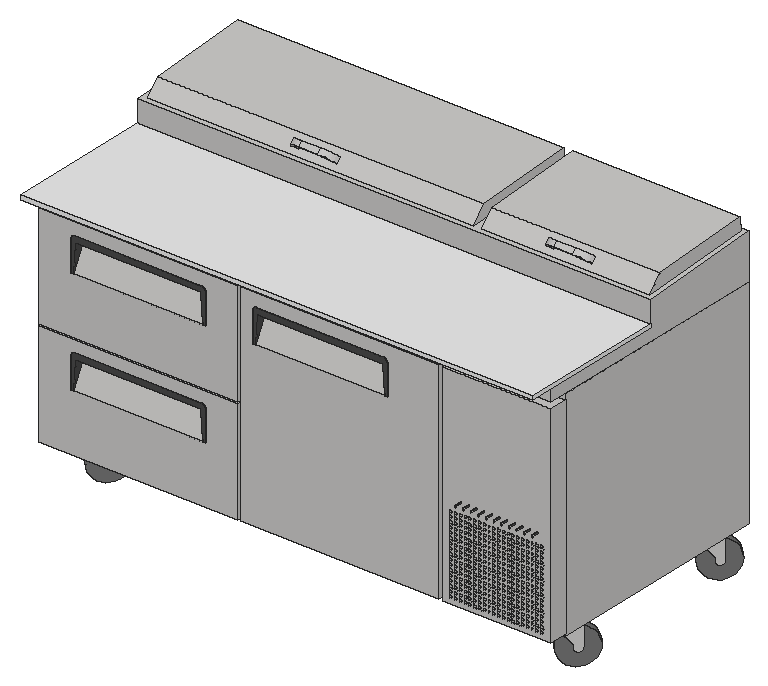
Revit family "QF_Turbo Air_TPR-67SD-D2", category Specialty Equipment, Revit 2012 (continued)
Forms (in)
  Extrusion 17, solid, material "QF_Finishes_Clearances", detail levels coarse
    sketch origin (23.64906, 0, 0) x (0, 1, 0) y (0, 0, 1)
      loop
        line (-0.43665, 40.16021) -> (0.94312, 41.18404) -> (-6.89696, 51.74983) -> (-9.30056, 52.10578)
        arc (-9.30056, 52.10578) -> (-13.94213, 46.43603) -> (-15.28268, 39.23233) r 14.75
        line (-15.28268, 39.23233) -> (-13.67506, 41.0543) -> (-0.54382, 41.875) -> (-0.43665, 40.16021)
    from 0 to 21.875
Lines and regions (in)
  symbolic lines
    curve 1: line (-20.78844, 0, 0) -> (46.21156, 0, 0)
    curve 2: line (-20.78844, -35.25, 0) -> (-20.78844, 0, 0)
    curve 3: line (46.21156, -35.25, 0) -> (-20.78844, -35.25, 0)
    curve 4: line (46.21156, 0, 0) -> (46.21156, -35.25, 0)
    curve 5: line (-20.78844, -16, 0) -> (46.21156, -16, 0)
    curve 6: line (-20.10094, -0.43665, 0) -> (22.52406, -0.43665, 0)
    curve 7: line (-20.10094, -0.43665, 0) -> (-20.10094, -15.28268, 0)
    curve 8: line (22.52406, -15.28268, 0) -> (3.73591, -15.28268, 0)
    curve 9: line (22.52406, -15.28268, 0) -> (22.52406, -0.43665, 0)
    curve 10: line (2.46156, -15.66428, 0) -> (-0.03844, -15.66428, 0)
    curve 11: line (-0.03844, -15.16806, 0) -> (2.46156, -15.16806, 0)
    curve 12: spline (-0.03844, -15.66428, 0) -> (-0.22934, -15.65687, 0) -> (-0.41821, -15.63473, 0) -> (-0.60302, -15.5981, 0) -> (-0.7818, -15.54736, 0) -> (-0.95265, -15.48306, 0) -> (-1.11373, -15.40589, 0) -> (-1.26333, -15.31666, 0) -> (-1.39986, -15.21633, 0) -> (-1.52185, -15.10598, 0) -> (-1.628, -14.98677, 0) -> (-1.71718, -14.85999, 0) -> (-1.78844, -14.72698, 0)
    curve 13: spline (-1.78844, -14.23076, 0) -> (-1.71718, -14.36377, 0) -> (-1.628, -14.49055, 0) -> (-1.52185, -14.60976, 0) -> (-1.39986, -14.72012, 0) -> (-1.26333, -14.82044, 0) -> (-1.11373, -14.90967, 0) -> (-0.95265, -14.98685, 0) -> (-0.7818, -15.05115, 0) -> (-0.60302, -15.10189, 0) -> (-0.41821, -15.13852, 0) -> (-0.22934, -15.16066, 0) -> (-0.03844, -15.16806, 0)
    curve 14: line (-0.78844, -14.23076, 0) -> (-1.78844, -14.23076, 0)
    curve 15: line (-1.78844, -14.23076, 0) -> (-1.78844, -14.72698, 0)
    curve 16: line (-0.78844, -14.60568, 0) -> (-0.78844, -14.23076, 0)
    curve 17: line (2.71156, -14.9806, 0) -> (-0.28844, -14.9806, 0)
    curve 18: spline (-0.28844, -14.9806, 0) -> (-0.3537, -14.97739, 0) -> (-0.41785, -14.96783, 0) -> (-0.47978, -14.95206, 0) -> (-0.53844, -14.93037, 0) -> (-0.59282, -14.90313, 0) -> (-0.64199, -14.87079, 0) -> (-0.68512, -14.83392, 0) -> (-0.72145, -14.79314, 0) -> (-0.75038, -14.74916, 0) -> (-0.7714, -14.70272, 0) -> (-0.78416, -14.65462, 0) -> (-0.78844, -14.60568, 0)
    curve 19: line (4.21156, -14.23076, 0) -> (3.21156, -14.23076, 0)
    curve 20: line (4.21156, -14.72698, 0) -> (4.21156, -14.23076, 0)
    curve 21: line (3.21156, -14.23076, 0) -> (3.21156, -14.60568, 0)
    curve 22: spline (3.21156, -14.60568, 0) -> (3.20728, -14.65462, 0) -> (3.19452, -14.70272, 0) -> (3.1735, -14.74916, 0) -> (3.14457, -14.79314, 0) -> (3.10824, -14.83392, 0) -> (3.06511, -14.87079, 0) -> (3.01594, -14.90313, 0) -> (2.96156, -14.93037, 0) -> (2.9029, -14.95206, 0) -> (2.84097, -14.96783, 0) -> (2.77682, -14.97739, 0) -> (2.71156, -14.9806, 0)
    curve 23: spline (2.46156, -15.16806, 0) -> (2.65246, -15.16066, 0) -> (2.84133, -15.13852, 0) -> (3.02614, -15.10189, 0) -> (3.20492, -15.05115, 0) -> (3.37577, -14.98685, 0) -> (3.53685, -14.90967, 0) -> (3.68645, -14.82044, 0) -> (3.82298, -14.72012, 0) -> (3.94497, -14.60976, 0) -> (4.05112, -14.49055, 0) -> (4.1403, -14.36377, 0) -> (4.21156, -14.23076, 0)
    curve 24: spline (4.21156, -14.72698, 0) -> (4.1403, -14.85999, 0) -> (4.05112, -14.98677, 0) -> (3.94497, -15.10598, 0) -> (3.82298, -15.21633, 0) -> (3.68645, -15.31666, 0) -> (3.53685, -15.40589, 0) -> (3.37577, -15.48306, 0) -> (3.20492, -15.54736, 0) -> (3.02614, -15.5981, 0) -> (2.84133, -15.63473, 0) -> (2.65246, -15.65687, 0) -> (2.46156, -15.66428, 0)
    curve 25: line (-1.31279, -15.28268, 0) -> (-20.10094, -15.28268, 0)
    curve 26: line (-15.28844, 1, 0) -> (-14.03844, 1, 0)
    curve 27: line (39.46156, 1, 0) -> (40.71156, 1, 0)
    curve 28: line (40.71156, 1, 0) -> (40.71156, 0, 0)
    curve 29: line (39.46156, 1, 0) -> (39.46156, 0, 0)
    curve 30: line (-14.03844, 1, 0) -> (-14.03844, 0, 0)
    curve 31: line (-15.28844, 1, 0) -> (-15.28844, 0, 0)
    curve 65: line (35.83656, -15.66428, 0) -> (33.33656, -15.66428, 0)
    curve 66: line (33.33656, -15.16806, 0) -> (35.83656, -15.16806, 0)
    curve 67: spline (33.33656, -15.66428, 0) -> (33.14566, -15.65687, 0) -> (32.95679, -15.63473, 0) -> (32.77198, -15.5981, 0) -> (32.5932, -15.54736, 0) -> (32.42235, -15.48306, 0) -> (32.26127, -15.40589, 0) -> (32.11167, -15.31666, 0) -> (31.97514, -15.21633, 0) -> (31.85315, -15.10598, 0) -> (31.747, -14.98677, 0) -> (31.65782, -14.85999, 0) -> (31.58656, -14.72698, 0)
    curve 68: spline (31.58656, -14.23076, 0) -> (31.65782, -14.36377, 0) -> (31.747, -14.49055, 0) -> (31.85315, -14.60976, 0) -> (31.97514, -14.72012, 0) -> (32.11167, -14.82044, 0) -> (32.26127, -14.90967, 0) -> (32.42235, -14.98685, 0) -> (32.5932, -15.05115, 0) -> (32.77198, -15.10189, 0) -> (32.95679, -15.13852, 0) -> (33.14566, -15.16066, 0) -> (33.33656, -15.16806, 0)
    curve 69: line (32.58656, -14.23076, 0) -> (31.58656, -14.23076, 0)
    curve 70: line (31.58656, -14.23076, 0) -> (31.58656, -14.72698, 0)
    curve 71: line (32.58656, -14.60568, 0) -> (32.58656, -14.23076, 0)
    curve 72: line (37.58656, -14.23076, 0) -> (36.58656, -14.23076, 0)
    curve 73: line (37.58656, -14.72698, 0) -> (37.58656, -14.23076, 0)
    curve 74: line (36.58656, -14.23076, 0) -> (36.58656, -14.60568, 0)
    curve 75: spline (35.83656, -15.16806, 0) -> (36.02746, -15.16066, 0) -> (36.21633, -15.13852, 0) -> (36.40114, -15.10189, 0) -> (36.57992, -15.05115, 0) -> (36.75077, -14.98685, 0) -> (36.91185, -14.90967, 0) -> (37.06145, -14.82044, 0) -> (37.19798, -14.72012, 0) -> (37.31997, -14.60976, 0) -> (37.42612, -14.49055, 0) -> (37.5153, -14.36377, 0) -> (37.58656, -14.23076, 0)
    curve 76: spline (37.58656, -14.72698, 0) -> (37.5153, -14.85999, 0) -> (37.42612, -14.98677, 0) -> (37.31997, -15.10598, 0) -> (37.19798, -15.21633, 0) -> (37.06145, -15.31666, 0) -> (36.91185, -15.40589, 0) -> (36.75077, -15.48306, 0) -> (36.57992, -15.54736, 0) -> (36.40114, -15.5981, 0) -> (36.21633, -15.63473, 0) -> (36.02746, -15.65687, 0) -> (35.83656, -15.66428, 0)
    curve 80: line (45.52406, -0.43665, 0) -> (23.64906, -0.43665, 0)
    curve 81: line (23.64906, -15.28268, 0) -> (32.06221, -15.28268, 0)
    curve 82: line (23.64906, -0.43665, 0) -> (23.64906, -15.28268, 0)
    curve 83: line (45.52406, -15.28268, 0) -> (45.52406, -0.43665, 0)
    curve 84: line (37.11091, -15.28268, 0) -> (45.52406, -15.28268, 0)
  symbolic lines, style "QF_Surface Details"
    curve 32: line (-18.78844, -14.5625, 0) -> (-13.03844, -14.5625, 0)
    curve 33: line (-12.47594, -14, 0) -> (-12.47594, -2.375, 0)
    curve 34: line (-13.03844, -1.8125, 0) -> (-18.78844, -1.8125, 0)
    curve 35: line (-19.35094, -14, 0) -> (-19.35094, -2.375, 0)
    curve 36: arc (-13.03844, -1.8125, 0) -> (-12.64069, -1.97725, 0) -> (-12.47594, -2.375, 0) r 0.5625
    curve 37: arc (-18.78844, -1.8125, 0) -> (-19.18619, -1.97725, 0) -> (-19.35094, -2.375, 0) r 0.5625
    curve 38: arc (-19.35094, -14, 0) -> (-19.18619, -14.39775, 0) -> (-18.78844, -14.5625, 0) r 0.5625
    curve 39: arc (-12.47594, -14, 0) -> (-12.64069, -14.39775, 0) -> (-13.03844, -14.5625, 0) r 0.5625
    curve 40: line (-13.03844, -12.625, 0) -> (-13.03844, -3.75, 0)
    curve 41: line (-14.41344, -2.375, 0) -> (-17.41344, -2.375, 0)
    curve 42: line (-17.41344, -14, 0) -> (-14.41344, -14, 0)
    curve 43: line (-18.78844, -12.625, 0) -> (-18.78844, -3.75, 0)
    curve 44: arc (-17.41344, -2.375, 0) -> (-18.38571, -2.77773, 0) -> (-18.78844, -3.75, 0) r 1.375
    curve 45: arc (-14.41344, -2.375, 0) -> (-13.44117, -2.77773, 0) -> (-13.03844, -3.75, 0) r 1.375
    curve 46: arc (-13.03844, -12.625, 0) -> (-13.44117, -13.59727, 0) -> (-14.41344, -14, 0) r 1.375
    curve 47: arc (-17.41344, -14, 0) -> (-18.38571, -13.59727, 0) -> (-18.78844, -12.625, 0) r 1.375
    curve 48: line (-11.91344, -14.5625, 0) -> (-6.16344, -14.5625, 0)
    curve 49: line (-5.60094, -14, 0) -> (-5.60094, -2.375, 0)
    curve 50: line (-6.16344, -1.8125, 0) -> (-11.91344, -1.8125, 0)
    curve 51: arc (-6.16344, -1.8125, 0) -> (-5.76569, -1.97725, 0) -> (-5.60094, -2.375, 0) r 0.5625
    curve 52: arc (-11.91344, -1.8125, 0) -> (-12.31119, -1.97725, 0) -> (-12.47594, -2.375, 0) r 0.5625
    curve 53: arc (-5.60094, -14, 0) -> (-5.76569, -14.39775, 0) -> (-6.16344, -14.5625, 0) r 0.5625
    curve 54: line (-6.16344, -12.625, 0) -> (-6.16344, -3.75, 0)
    curve 55: line (-7.53844, -2.375, 0) -> (-10.53844, -2.375, 0)
    curve 56: line (-10.53844, -14, 0) -> (-7.53844, -14, 0)
    curve 57: line (-11.91344, -12.625, 0) -> (-11.91344, -3.75, 0)
    curve 58: arc (-10.53844, -2.375, 0) -> (-11.51071, -2.77773, 0) -> (-11.91344, -3.75, 0) r 1.375
    curve 59: arc (-7.53844, -2.375, 0) -> (-6.56617, -2.77773, 0) -> (-6.16344, -3.75, 0) r 1.375
    curve 60: arc (-6.16344, -12.625, 0) -> (-6.56617, -13.59727, 0) -> (-7.53844, -14, 0) r 1.375
    curve 61: arc (-10.53844, -14, 0) -> (-11.51071, -13.59727, 0) -> (-11.91344, -12.625, 0) r 1.375
    curve 62: arc (-12.47594, -14, 0) -> (-12.31119, -14.39775, 0) -> (-11.91344, -14.5625, 0) r 0.5625
    curve 85: line (-5.03844, -14.5625, 0) -> (0.71156, -14.5625, 0)
    curve 86: line (1.27406, -14, 0) -> (1.27406, -2.375, 0)
    curve 87: line (0.71156, -1.8125, 0) -> (-5.03844, -1.8125, 0)
    curve 88: arc (0.71156, -1.8125, 0) -> (1.10931, -1.97725, 0) -> (1.27406, -2.375, 0) r 0.5625
    curve 89: arc (-5.03844, -1.8125, 0) -> (-5.43619, -1.97725, 0) -> (-5.60094, -2.375, 0) r 0.5625
    curve 90: arc (1.27406, -14, 0) -> (1.10931, -14.39775, 0) -> (0.71156, -14.5625, 0) r 0.5625
    curve 91: line (0.71156, -12.625, 0) -> (0.71156, -3.75, 0)
    curve 92: line (-0.66344, -2.375, 0) -> (-3.66344, -2.375, 0)
    curve 93: line (-3.66344, -14, 0) -> (-0.66344, -14, 0)
    curve 94: line (-5.03844, -12.625, 0) -> (-5.03844, -3.75, 0)
    curve 95: arc (-3.66344, -2.375, 0) -> (-4.63571, -2.77773, 0) -> (-5.03844, -3.75, 0) r 1.375
    curve 96: arc (-0.66344, -2.375, 0) -> (0.30883, -2.77773, 0) -> (0.71156, -3.75, 0) r 1.375
    curve 97: arc (0.71156, -12.625, 0) -> (0.30883, -13.59727, 0) -> (-0.66344, -14, 0) r 1.375
    curve 98: arc (-3.66344, -14, 0) -> (-4.63571, -13.59727, 0) -> (-5.03844, -12.625, 0) r 1.375
    curve 99: arc (-5.60094, -14, 0) -> (-5.43619, -14.39775, 0) -> (-5.03844, -14.5625, 0) r 0.5625
    curve 100: line (1.83656, -14.5625, 0) -> (7.58656, -14.5625, 0)
    curve 101: line (8.14906, -14, 0) -> (8.14906, -2.375, 0)
    curve 102: line (7.58656, -1.8125, 0) -> (1.83656, -1.8125, 0)
    curve 103: arc (7.58656, -1.8125, 0) -> (7.98431, -1.97725, 0) -> (8.14906, -2.375, 0) r 0.5625
    curve 104: arc (1.83656, -1.8125, 0) -> (1.43881, -1.97725, 0) -> (1.27406, -2.375, 0) r 0.5625
    curve 105: arc (8.14906, -14, 0) -> (7.98431, -14.39775, 0) -> (7.58656, -14.5625, 0) r 0.5625
    curve 106: line (7.58656, -12.625, 0) -> (7.58656, -3.75, 0)
    curve 107: line (6.21156, -2.375, 0) -> (3.21156, -2.375, 0)
    curve 108: line (3.21156, -14, 0) -> (6.21156, -14, 0)
    curve 109: line (1.83656, -12.625, 0) -> (1.83656, -3.75, 0)
    curve 110: arc (3.21156, -2.375, 0) -> (2.23929, -2.77773, 0) -> (1.83656, -3.75, 0) r 1.375
    curve 111: arc (6.21156, -2.375, 0) -> (7.18383, -2.77773, 0) -> (7.58656, -3.75, 0) r 1.375
    curve 112: arc (7.58656, -12.625, 0) -> (7.18383, -13.59727, 0) -> (6.21156, -14, 0) r 1.375
    curve 113: arc (3.21156, -14, 0) -> (2.23929, -13.59727, 0) -> (1.83656, -12.625, 0) r 1.375
    curve 114: arc (1.27406, -14, 0) -> (1.43881, -14.39775, 0) -> (1.83656, -14.5625, 0) r 0.5625
    curve 115: line (8.71156, -14.5625, 0) -> (14.46156, -14.5625, 0)
    curve 116: line (15.02406, -14, 0) -> (15.02406, -2.375, 0)
    curve 117: line (14.46156, -1.8125, 0) -> (8.71156, -1.8125, 0)
    curve 118: arc (14.46156, -1.8125, 0) -> (14.85931, -1.97725, 0) -> (15.02406, -2.375, 0) r 0.5625
    curve 119: arc (8.71156, -1.8125, 0) -> (8.31381, -1.97725, 0) -> (8.14906, -2.375, 0) r 0.5625
    curve 120: arc (15.02406, -14, 0) -> (14.85931, -14.39775, 0) -> (14.46156, -14.5625, 0) r 0.5625
    curve 121: line (14.46156, -12.625, 0) -> (14.46156, -3.75, 0)
    curve 122: line (13.08656, -2.375, 0) -> (10.08656, -2.375, 0)
    curve 123: line (10.08656, -14, 0) -> (13.08656, -14, 0)
    curve 124: line (8.71156, -12.625, 0) -> (8.71156, -3.75, 0)
    curve 125: arc (10.08656, -2.375, 0) -> (9.11429, -2.77773, 0) -> (8.71156, -3.75, 0) r 1.375
    curve 126: arc (13.08656, -2.375, 0) -> (14.05883, -2.77773, 0) -> (14.46156, -3.75, 0) r 1.375
    curve 127: arc (14.46156, -12.625, 0) -> (14.05883, -13.59727, 0) -> (13.08656, -14, 0) r 1.375
    curve 128: arc (10.08656, -14, 0) -> (9.11429, -13.59727, 0) -> (8.71156, -12.625, 0) r 1.375
    curve 129: arc (8.14906, -14, 0) -> (8.31381, -14.39775, 0) -> (8.71156, -14.5625, 0) r 0.5625
    curve 130: line (15.58656, -14.5625, 0) -> (21.33656, -14.5625, 0)
    curve 131: line (21.89906, -14, 0) -> (21.89906, -2.375, 0)
    curve 132: line (21.33656, -1.8125, 0) -> (15.58656, -1.8125, 0)
    curve 133: arc (21.33656, -1.8125, 0) -> (21.73431, -1.97725, 0) -> (21.89906, -2.375, 0) r 0.5625
    curve 134: arc (15.58656, -1.8125, 0) -> (15.18881, -1.97725, 0) -> (15.02406, -2.375, 0) r 0.5625
    curve 135: arc (21.89906, -14, 0) -> (21.73431, -14.39775, 0) -> (21.33656, -14.5625, 0) r 0.5625
    curve 136: line (21.33656, -12.625, 0) -> (21.33656, -3.75, 0)
    curve 137: line (19.96156, -2.375, 0) -> (16.96156, -2.375, 0)
    curve 138: line (16.96156, -14, 0) -> (19.96156, -14, 0)
    curve 139: line (15.58656, -12.625, 0) -> (15.58656, -3.75, 0)
    curve 140: arc (16.96156, -2.375, 0) -> (15.98929, -2.77773, 0) -> (15.58656, -3.75, 0) r 1.375
    curve 141: arc (19.96156, -2.375, 0) -> (20.93383, -2.77773, 0) -> (21.33656, -3.75, 0) r 1.375
    curve 142: arc (21.33656, -12.625, 0) -> (20.93383, -13.59727, 0) -> (19.96156, -14, 0) r 1.375
    curve 143: arc (16.96156, -14, 0) -> (15.98929, -13.59727, 0) -> (15.58656, -12.625, 0) r 1.375
    curve 144: arc (15.02406, -14, 0) -> (15.18881, -14.39775, 0) -> (15.58656, -14.5625, 0) r 0.5625
    curve 145: line (24.27406, -14, 0) -> (24.27406, -2.375, 0)
    curve 146: line (24.83656, -14.5625, 0) -> (30.58656, -14.5625, 0)
    curve 147: line (31.14906, -14, 0) -> (31.14906, -2.375, 0)
    curve 148: line (30.58656, -1.8125, 0) -> (24.83656, -1.8125, 0)
    curve 149: arc (30.58656, -1.8125, 0) -> (30.98431, -1.97725, 0) -> (31.14906, -2.375, 0) r 0.5625
    curve 150: arc (24.83656, -1.8125, 0) -> (24.43881, -1.97725, 0) -> (24.27406, -2.375, 0) r 0.5625
    curve 151: arc (31.14906, -14, 0) -> (30.98431, -14.39775, 0) -> (30.58656, -14.5625, 0) r 0.5625
    curve 152: line (30.58656, -12.625, 0) -> (30.58656, -3.75, 0)
    curve 153: line (29.21156, -2.375, 0) -> (26.21156, -2.375, 0)
    curve 154: line (26.21156, -14, 0) -> (29.21156, -14, 0)
    curve 155: line (24.83656, -12.625, 0) -> (24.83656, -3.75, 0)
    curve 156: arc (26.21156, -2.375, 0) -> (25.23929, -2.77773, 0) -> (24.83656, -3.75, 0) r 1.375
    curve 157: arc (29.21156, -2.375, 0) -> (30.18383, -2.77773, 0) -> (30.58656, -3.75, 0) r 1.375
    curve 158: arc (30.58656, -12.625, 0) -> (30.18383, -13.59727, 0) -> (29.21156, -14, 0) r 1.375
    curve 159: arc (26.21156, -14, 0) -> (25.23929, -13.59727, 0) -> (24.83656, -12.625, 0) r 1.375
    curve 160: arc (24.27406, -14, 0) -> (24.43881, -14.39775, 0) -> (24.83656, -14.5625, 0) r 0.5625
    curve 161: line (31.71156, -14.5625, 0) -> (37.46156, -14.5625, 0)
    curve 162: line (38.02406, -14, 0) -> (38.02406, -2.375, 0)
    curve 163: line (37.46156, -1.8125, 0) -> (31.71156, -1.8125, 0)
    curve 164: arc (37.46156, -1.8125, 0) -> (37.85931, -1.97725, 0) -> (38.02406, -2.375, 0) r 0.5625
    curve 165: arc (31.71156, -1.8125, 0) -> (31.31381, -1.97725, 0) -> (31.14906, -2.375, 0) r 0.5625
    curve 166: arc (38.02406, -14, 0) -> (37.85931, -14.39775, 0) -> (37.46156, -14.5625, 0) r 0.5625
    curve 167: line (37.46156, -12.625, 0) -> (37.46156, -3.75, 0)
    curve 168: line (36.08656, -2.375, 0) -> (33.08656, -2.375, 0)
    curve 169: line (33.08656, -14, 0) -> (36.08656, -14, 0)
    curve 170: line (31.71156, -12.625, 0) -> (31.71156, -3.75, 0)
    curve 171: arc (33.08656, -2.375, 0) -> (32.11429, -2.77773, 0) -> (31.71156, -3.75, 0) r 1.375
    curve 172: arc (36.08656, -2.375, 0) -> (37.05883, -2.77773, 0) -> (37.46156, -3.75, 0) r 1.375
    curve 173: arc (37.46156, -12.625, 0) -> (37.05883, -13.59727, 0) -> (36.08656, -14, 0) r 1.375
    curve 174: arc (33.08656, -14, 0) -> (32.11429, -13.59727, 0) -> (31.71156, -12.625, 0) r 1.375
    curve 175: arc (31.14906, -14, 0) -> (31.31381, -14.39775, 0) -> (31.71156, -14.5625, 0) r 0.5625
    curve 176: line (38.58656, -14.5625, 0) -> (44.33656, -14.5625, 0)
    curve 177: line (44.89906, -14, 0) -> (44.89906, -2.375, 0)
    curve 178: line (44.33656, -1.8125, 0) -> (38.58656, -1.8125, 0)
    curve 179: arc (44.33656, -1.8125, 0) -> (44.73431, -1.97725, 0) -> (44.89906, -2.375, 0) r 0.5625
    curve 180: arc (38.58656, -1.8125, 0) -> (38.18881, -1.97725, 0) -> (38.02406, -2.375, 0) r 0.5625
    curve 181: arc (44.89906, -14, 0) -> (44.73431, -14.39775, 0) -> (44.33656, -14.5625, 0) r 0.5625
    curve 182: line (44.33656, -12.625, 0) -> (44.33656, -3.75, 0)
    curve 183: line (42.96156, -2.375, 0) -> (39.96156, -2.375, 0)
    curve 184: line (39.96156, -14, 0) -> (42.96156, -14, 0)
    curve 185: line (38.58656, -12.625, 0) -> (38.58656, -3.75, 0)
    curve 186: arc (39.96156, -2.375, 0) -> (38.98929, -2.77773, 0) -> (38.58656, -3.75, 0) r 1.375
    curve 187: arc (42.96156, -2.375, 0) -> (43.93383, -2.77773, 0) -> (44.33656, -3.75, 0) r 1.375
    curve 188: arc (44.33656, -12.625, 0) -> (43.93383, -13.59727, 0) -> (42.96156, -14, 0) r 1.375
    curve 189: arc (39.96156, -14, 0) -> (38.98929, -13.59727, 0) -> (38.58656, -12.625, 0) r 1.375
    curve 190: arc (38.02406, -14, 0) -> (38.18881, -14.39775, 0) -> (38.58656, -14.5625, 0) r 0.5625
  symbolic lines, style "QF_Clearances", detail levels coarse
    curve 63: line (31.58656, -35.25, 0) -> (31.58656, -58.2696, 0)
    curve 64: arc (31.58656, -58.2696, 0) -> (14.28106, -51.68037, 0) -> (5.74048, -35.25, 0) r 26.0196
    curve 191: line (-20.78844, -35.25, 0) -> (-20.78844, -57.375, 0)
    curve 192: line (-20.78844, -57.375, 0) -> (5.21156, -57.375, 0)
    curve 193: line (5.21156, -57.375, 0) -> (5.21156, -35.25, 0)
  symbolic lines, style "SpecialityEquipment"
    curve 77: spline (33.08656, -14.9806, 0) -> (33.0213, -14.97739, 0) -> (32.95715, -14.96783, 0) -> (32.89522, -14.95206, 0) -> (32.83656, -14.93037, 0) -> (32.78218, -14.90313, 0) -> (32.73301, -14.87079, 0) -> (32.68988, -14.83392, 0) -> (32.65355, -14.79314, 0) -> (32.62462, -14.74916, 0) -> (32.6036, -14.70272, 0) -> (32.59084, -14.65462, 0) -> (32.58656, -14.60568, 0)
    curve 78: line (36.08656, -14.9806, 0) -> (33.08656, -14.9806, 0)
    curve 79: spline (36.58656, -14.60568, 0) -> (36.58228, -14.65462, 0) -> (36.56952, -14.70272, 0) -> (36.5485, -14.74916, 0) -> (36.51957, -14.79314, 0) -> (36.48324, -14.83392, 0) -> (36.44011, -14.87079, 0) -> (36.39094, -14.90313, 0) -> (36.33656, -14.93037, 0) -> (36.2779, -14.95206, 0) -> (36.21597, -14.96783, 0) -> (36.15182, -14.97739, 0) -> (36.08656, -14.9806, 0)
Dimensions and locks (in)
  locked: plane 4 "RIGHT" to plane 3 "LEFT" at 67
  locked: plane 6 "FRONT" to plane 1 "BACK" at 35.25
  locked: plane 6 "FRONT" to plane 5 "Front of Door" at 3
  locked: plane 7 "Front of Pans" to plane 1 "BACK" at 16
  locked: plane 8 "Left of Compressor" to plane 4 "RIGHT" at 14.125
  plane 3 "LEFT" to plane 9 "Right of Left Door" = 2' - 2"
  "CasterLeg Height": plane 10 "Bottom" to plane 2
  locked: plane 12 "Door Clearance" to plane 11 "TOP" at 11.375
  locked: plane 11 "TOP" to plane 10 "Bottom" at 36
  locked: plane 13 "Work Top" to plane 10 "Bottom" at 30
  locked: plane 13 "Work Top" to plane 14 at 1.5625
  locked: plane 14 to plane 15 "Top of Door" at 0.75
  locked: plane 16 "Bottom of Door" to plane 10 "Bottom" at 0.25
  locked: plane 1 "BACK" to plane 17 "Back Stops" at 1
  locked: plane 5 "Front of Door" to plane 18 "Front of Box" at 2.375
  locked: Extrusion 2 sketch curve to plane 13 "Work Top" at 3.3125
  locked: Extrusion 2 sketch curve to plane 14 at 5.875
  locked: plane 3 "LEFT" to plane 19 "Left of Left Lid" at 0.6875
  locked: plane 11 "TOP" to Extrusion 3 sketch curve at 1.71479
  locked: plane 11 "TOP" to Extrusion 3 sketch curve at 0.8207
  locked: plane 11 "TOP" to Extrusion 3 sketch curve at 2.64267
  locked: plane 7 "Front of Pans" to Extrusion 3 sketch curve at 0.71732
  locked: plane 7 "Front of Pans" to Extrusion 3 sketch curve at 2.32494
  locked: Extrusion 3 sketch curve to plane 1 "BACK" at 0.43665
  locked: Extrusion 3 sketch curve to plane 1 "BACK" at 0.54382
  locked: plane 11 "TOP" to plane 22 "Handle Elevation" at 1.73169
  locked: plane 23 "Handle Center FB" to plane 1 "BACK" at 14.47887
  locked: plane 21 "Handle Center of Left Lid" to Extrusion 4 sketch curve at 2
  locked: Extrusion 4 sketch curve to plane 21 "Handle Center of Left Lid" at 2
  locked: plane 21 "Handle Center of Left Lid" to Extrusion 4 sketch curve at 3
  locked: Extrusion 4 sketch curve to plane 21 "Handle Center of Left Lid" at 3
  locked: plane 21 "Handle Center of Left Lid" to Extrusion 4 sketch curve at 1.5
  locked: plane 21 "Handle Center of Left Lid" to Extrusion 4 sketch curve at 1.25
  locked: Extrusion 4 sketch curve to plane 21 "Handle Center of Left Lid" at 1.5
  locked: Extrusion 4 sketch curve to plane 21 "Handle Center of Left Lid" at 1.25
  locked: plane 11 "TOP" to Extrusion 4 at 0.62347
  locked: plane 11 "TOP" to Extrusion 4 at 1.18585
  locked: plane 15 "Top of Door" to Extrusion 5 sketch curve at 1
  locked: Extrusion 5 sketch curve to plane 3 "LEFT" at 1
  locked: Extrusion 5 sketch curve to plane 9 "Right of Left Door" at 1
  locked: Extrusion 5 sketch curve to plane 16 "Bottom of Door" at 1
  locked: Extrusion 7 sketch curve to plane 8 "Left of Compressor" at 0.5
  locked: Extrusion 7 sketch curve to plane 4 "RIGHT" at 0.5
  locked: Extrusion 7 sketch curve to plane 16 "Bottom of Door" at 0.5
  locked: Extrusion 7 sketch curve to Extrusion 7 sketch curve at 12.5
  locked: Extrusion 8 sketch curve to plane 13 "Work Top" at 0.5
  locked: plane 3 "LEFT" to nested 1 at 2.8125
  locked: nested 1 to plane 1 "BACK" at 3.1875
  locked: plane 3 "LEFT" to nested 2 at 2.8125
  locked: plane 18 "Front of Box" to nested 2 at 3.5
  locked: nested 3 to plane 4 "RIGHT" at 2.8125
  locked: nested 3 to plane 1 "BACK" at 3.1875
  locked: nested 4 to plane 4 "RIGHT" at 2.8125
  locked: plane 18 "Front of Box" to nested 4 at 3.5
  locked: Extrusion 9 sketch curve to plane 3 "LEFT" at 6.125
  locked: plane 4 "RIGHT" to Extrusion 9 sketch curve at 6.125
  locked: plane 14 to Extrusion 9 sketch curve at 4.8125  (x2)
  locked: Extrusion 10 sketch curve to plane 10 "Bottom" at 6.125
  locked: plane 4 "RIGHT" to Extrusion 10 sketch curve at 7.0625
  locked: plane 12 "Door Clearance" to Extrusion 12 at 0.14061
  locked: plane 12 "Door Clearance" to Extrusion 12 at 0.03074
  locked: plane 25 "Left of Right Door" to plane 24 "Right of Right Door" at 26
  locked: plane 24 "Right of Right Door" to plane 8 "Left of Compressor" at 0.5
  locked: Extrusion 13 sketch curve to plane 25 "Left of Right Door" at 1
  locked: plane 15 "Top of Door" to Extrusion 13 sketch curve at 1
  locked: Extrusion 13 sketch curve to plane 16 "Bottom of Door" at 1
  locked: Extrusion 13 sketch curve to plane 24 "Right of Right Door" at 1
  locked: plane 27 "Left of Right Lid" to plane 20 "Right of Right Lid" at 21.875
  locked: plane 19 "Left of Left Lid" to plane 26 "Right of Left Lid" at 42.625
  equal spacing: plane 19 "Left of Left Lid", plane 21 "Handle Center of Left Lid", plane 26 "Right of Left Lid"
  locked: plane 20 "Right of Right Lid" to plane 4 "RIGHT" at 0.6875
  locked: plane 28 "Handle Center Right Lid" to Extrusion 14 sketch curve at 2
  locked: Extrusion 14 sketch curve to plane 28 "Handle Center Right Lid" at 2
  locked: plane 28 "Handle Center Right Lid" to Extrusion 14 sketch curve at 3
  locked: Extrusion 14 sketch curve to plane 28 "Handle Center Right Lid" at 3
  locked: plane 28 "Handle Center Right Lid" to Extrusion 14 sketch curve at 1.5
  locked: plane 28 "Handle Center Right Lid" to Extrusion 14 sketch curve at 1.25
  locked: Extrusion 14 sketch curve to plane 28 "Handle Center Right Lid" at 1.5
  locked: Extrusion 14 sketch curve to plane 28 "Handle Center Right Lid" at 1.25
  equal spacing: plane 27 "Left of Right Lid", plane 28 "Handle Center Right Lid", plane 20 "Right of Right Lid"
  locked: plane 11 "TOP" to Extrusion 14 at 1.18585
  locked: plane 11 "TOP" to Extrusion 14 at 0.62347
  locked: plane 12 "Door Clearance" to Extrusion 15 at 0.03074
  locked: plane 12 "Door Clearance" to Extrusion 15 at 0.14061
  locked: plane 29 "Drawer Clearance" to plane 1 "BACK" at 57.375
  aligned and locked: level to plane 2
  aligned and locked: plane 10 "Bottom" to Extrusion 1 sketch curve
  aligned and locked: plane 1 "BACK" to Extrusion 1 sketch curve
  aligned and locked: Extrusion 1 sketch curve to plane 14
  aligned and locked: Extrusion 1 sketch curve to plane 18 "Front of Box"
  aligned and locked: plane 4 "RIGHT" to Extrusion 1
  aligned and locked: Extrusion 2 sketch curve to plane 5 "Front of Door"
  aligned and locked: Extrusion 2 sketch curve to plane 13 "Work Top"
  aligned and locked: Extrusion 2 sketch curve to plane 7 "Front of Pans"
  aligned and locked: plane 14 to Extrusion 2 sketch curve
  aligned and locked: Extrusion 2 sketch curve to plane 1 "BACK"
  aligned and locked: plane 4 "RIGHT" to Extrusion 2
  aligned and locked: plane 11 "TOP" to Extrusion 3 sketch curve
  aligned and locked: Extrusion 4 to Extrusion 3
  aligned and locked: Extrusion 6 sketch curve to plane 4 "RIGHT"
  aligned and locked: plane 16 "Bottom of Door" to Extrusion 6 sketch curve
  aligned and locked: plane 8 "Left of Compressor" to Extrusion 6 sketch curve
  aligned and locked: Extrusion 6 sketch curve to plane 15 "Top of Door"
  aligned and locked: plane 5 "Front of Door" to Extrusion 6
  aligned and locked: plane 13 "Work Top" to Extrusion 8 sketch curve
  aligned and locked: plane 7 "Front of Pans" to Extrusion 8 sketch curve
  aligned and locked: Extrusion 8 sketch curve to plane 6 "FRONT"
  aligned and locked: plane 4 "RIGHT" to Extrusion 8
  aligned and locked: Extrusion 9 to plane 17 "Back Stops"
  aligned and locked: plane 1 "BACK" to curve 1
  aligned and locked: plane 3 "LEFT" to curve 2
  aligned and locked: curve 3 to plane 6 "FRONT"
  aligned and locked: curve 4 to plane 4 "RIGHT"
  aligned and locked: curve 6 to Extrusion 3
  aligned and locked: curve 7 to Extrusion 3
  aligned and locked: curve 8 to Extrusion 3
  aligned and locked: curve 9 to Extrusion 3
  aligned and locked: curve 10 to Extrusion 4
  aligned and locked: curve 11 to Extrusion 4
  aligned and locked: curve 14 to Extrusion 4
  aligned and locked: curve 15 to Extrusion 4
  aligned and locked: Extrusion 4 to curve 16
  aligned and locked: curve 17 to Extrusion 4
  aligned and locked: curve 19 to Extrusion 4
  aligned and locked: curve 20 to Extrusion 4
  aligned and locked: curve 21 to Extrusion 4
  aligned and locked: curve 26 to Extrusion 9
  aligned and locked: curve 27 to Extrusion 9
  aligned and locked: Extrusion 12 to Extrusion 11  (x2)
  aligned and locked: Extrusion 11 sketch curve to Extrusion 3  (x3)
  aligned and locked: nested 5 to plane 15 "Top of Door"
  aligned and locked: plane 25 "Left of Right Door" to nested 5
  aligned and locked: plane 24 "Right of Right Door" to nested 5
  aligned and locked: plane 16 "Bottom of Door" to nested 5
  aligned and locked: curve 65 to Extrusion 14
  aligned and locked: curve 66 to Extrusion 14
  aligned and locked: curve 69 to Extrusion 14
  aligned and locked: curve 70 to Extrusion 14
  aligned and locked: Extrusion 14 to curve 71
  aligned and locked: curve 72 to Extrusion 14
  aligned and locked: curve 73 to Extrusion 14
  aligned and locked: curve 74 to Extrusion 14
  aligned and locked: plane 26 "Right of Left Lid" to Extrusion 3
  aligned and locked: plane 26 "Right of Left Lid" to Extrusion 11
  aligned and locked: Extrusion 17 sketch curve to Extrusion 16  (x3)
  aligned and locked: plane 20 "Right of Right Lid" to Extrusion 17
  aligned and locked: plane 20 "Right of Right Lid" to Extrusion 16
  aligned and locked: curve 78 to Extrusion 14
  aligned and locked: curve 80 to Extrusion 17
  aligned and locked: curve 81 to Extrusion 17
  aligned and locked: curve 82 to Extrusion 16
  aligned and locked: curve 83 to Extrusion 16
  aligned and locked: Extrusion 15 to Extrusion 17
  aligned and locked: Extrusion 17 to Extrusion 14
  aligned and locked: plane 3 "LEFT" to nested 6
  aligned and locked: plane 15 "Top of Door" to nested 6
  aligned and locked: nested 6 to plane 16 "Bottom of Door"
  aligned and locked: plane 9 "Right of Left Door" to nested 6
Automatic sketch dimensions
  Extrusion 4 sketch curve to Extrusion 4 sketch curve = 0' - 0"
  Extrusion 4 sketch curve to Extrusion 4 sketch curve = 0' - 0.6"
  Extrusion 4 sketch curve to Extrusion 4 sketch curve = 0' - 0 1/2"
  plane 8 "Left of Compressor" to Extrusion 6 sketch curve = 0' - 0 15/16"  (x4)
  Extrusion 6 sketch curve to Extrusion 6 sketch curve = 0' - 0"  (x258)
  Extrusion 6 sketch curve to Extrusion 6 sketch curve = 0' - 0 3/8"  (x464)
  Extrusion 6 sketch curve to Extrusion 6 sketch curve = 0' - 0 1/4"  (x598)
  Extrusion 6 sketch curve to Extrusion 6 sketch curve = 0' - 0.05806"
  Extrusion 6 sketch curve to Extrusion 6 sketch curve = 0' - 0.08839"  (x64)
  Extrusion 6 sketch curve to plane 28 "Handle Center Right Lid" = 0' - 0.17233"
  Extrusion 6 sketch curve to plane 28 "Handle Center Right Lid" = 0' - 0.08395"
  plane 28 "Handle Center Right Lid" to Extrusion 6 sketch curve = 0' - 0.00444"
  plane 28 "Handle Center Right Lid" to Extrusion 6 sketch curve = 0' - 0 1/16"  (x17)
  plane 28 "Handle Center Right Lid" to Extrusion 6 sketch curve = 0' - 0.12056"
  plane 28 "Handle Center Right Lid" to Extrusion 6 sketch curve = 0' - 0.82767"
  Extrusion 6 sketch curve to Extrusion 6 sketch curve = 0' - 0.11612"  (x9)
  Extrusion 6 sketch curve to Extrusion 6 sketch curve = 0' - 0.82322"  (x9)
  Extrusion 6 sketch curve to plane 20 "Right of Right Lid" = 0' - 0 1/4"  (x17)
  plane 16 "Bottom of Door" to Extrusion 6 sketch curve = 0' - 0 5/8"  (x2)
  Extrusion 6 sketch curve to Extrusion 6 sketch curve = 0' - 0.55806"  (x11)
  Extrusion 6 sketch curve to Extrusion 6 sketch curve = 0' - 0.53033"  (x10)
  Extrusion 6 sketch curve to Extrusion 6 sketch curve = 0' - 0.70711"
  Extrusion 11 sketch curve to Extrusion 11 sketch curve = 0' - 11.7419"
  Extrusion 11 sketch curve to Extrusion 11 sketch curve = 0' - 1.60762"
  Extrusion 11 sketch curve to Extrusion 11 sketch curve = 0' - 0.65246"
  Extrusion 11 sketch curve to Extrusion 11 sketch curve = 0' - 1.37584"
  Extrusion 11 sketch curve to Extrusion 11 sketch curve = 0' - 1.38934"
  Extrusion 11 sketch curve to Extrusion 11 sketch curve = 0' - 0.12067"
  Extrusion 11 sketch curve to Extrusion 11 sketch curve = 0' - 9.68784"
  Extrusion 11 sketch curve to Extrusion 11 sketch curve = 0' - 1.82196"
  Extrusion 12 sketch curve to plane 21 "Handle Center of Left Lid" = 0' - 3"
  Extrusion 12 sketch curve to Extrusion 12 sketch curve = 0' - 1"
  Extrusion 12 sketch curve to Extrusion 12 sketch curve = 0' - 0 1/2"  (x3)
  Extrusion 12 sketch curve to Extrusion 12 sketch curve = 0' - 0 3/4"
  plane 21 "Handle Center of Left Lid" to Extrusion 12 sketch curve = 0' - 1 1/4"
  Extrusion 12 sketch curve to Extrusion 12 sketch curve = 0' - 0 1/4"
  Extrusion 12 sketch curve to plane 9 "Right of Left Door" = 0' - 1"
  Extrusion 12 sketch curve to Extrusion 12 sketch curve = 0' - 0"
  Extrusion 12 sketch curve to Extrusion 12 sketch curve = 0' - 0.6"
  Extrusion 14 sketch curve to Extrusion 14 sketch curve = 0' - 0"
  Extrusion 14 sketch curve to Extrusion 14 sketch curve = 0' - 0.6"
  Extrusion 14 sketch curve to Extrusion 14 sketch curve = 0' - 0 1/2"
  Extrusion 15 sketch curve to plane 24 "Right of Right Door" = 0' - 0"
  plane 8 "Left of Compressor" to Extrusion 15 sketch curve = 0' - 0 1/2"
  Extrusion 15 sketch curve to Extrusion 15 sketch curve = 0' - 0 1/2"  (x3)
  Extrusion 15 sketch curve to Extrusion 15 sketch curve = 0' - 0 3/4"
  plane 28 "Handle Center Right Lid" to Extrusion 15 sketch curve = 0' - 1 1/4"
  Extrusion 15 sketch curve to Extrusion 15 sketch curve = 0' - 0 1/4"
  Extrusion 15 sketch curve to Extrusion 15 sketch curve = 0' - 1"
  Extrusion 15 sketch curve to Extrusion 15 sketch curve = 0' - 0"
  Extrusion 15 sketch curve to Extrusion 15 sketch curve = 0' - 0.6"
  Extrusion 16 sketch curve to plane 11 "TOP" = 0' - 0"
  Extrusion 16 sketch curve to plane 7 "Front of Pans" = 0' - 0.71732"
  Extrusion 16 sketch curve to plane 23 "Handle Center FB" = 0' - 0.80381"
  plane 1 "BACK" to Extrusion 16 sketch curve = 0' - 0.54382"
  plane 22 "Handle Elevation" to Extrusion 16 sketch curve = 0' - 0.01689"
  plane 1 "BACK" to Extrusion 16 sketch curve = 0' - 0.43665"
  Extrusion 17 sketch curve to plane 7 "Front of Pans" = 0' - 0.71732"
  Extrusion 17 sketch curve to plane 12 "Door Clearance" = 0' - 1.14422"
  Extrusion 17 sketch curve to plane 23 "Handle Center FB" = 0' - 5.17831"
  Extrusion 17 sketch curve to plane 12 "Door Clearance" = 0' - 1.50017"
  Extrusion 17 sketch curve to Extrusion 17 sketch curve = 0' - 2.4036"
  plane 22 "Handle Elevation" to Extrusion 17 sketch curve = 0' - 0.07691"
  plane 22 "Handle Elevation" to Extrusion 17 sketch curve = 0' - 0.01689"
  plane 17 "Back Stops" to Extrusion 17 sketch curve = 0' - 0.05688"
  curve 192 to plane 9 "Right of Left Door" = 0' - 0"
  curve 63 to plane 24 "Right of Right Door" = 0' - 0"
  plane 29 "Drawer Clearance" to curve 193 = 0' - 0"
  plane 5 "Front of Door" to curve 64 = 0' - 0"
  plane 7 "Front of Pans" to curve 5 = 0' - 0"
  plane 19 "Left of Left Lid" to curve 35 = 0' - 0 3/4"
  plane 19 "Left of Left Lid" to curve 44 = 0' - 1 5/16"
  curve 35 to curve 37 = 0' - 0 9/16"
  curve 35 to curve 38 = 0' - 0 9/16"
  curve 43 to curve 44 = 0' - 1 3/8"
  curve 47 to plane 23 "Handle Center FB" = 0' - 0.47887"
  curve 38 to curve 47 = 0' - 1 3/8"
  curve 44 to curve 31 = 0' - 2 1/8"
  curve 47 to curve 46 = 0' - 3"
  curve 31 to curve 45 = 0' - 0 7/8"
  curve 26 to curve 30 = 0' - 1 1/4"
  curve 41 to curve 36 = 0' - 1 3/8"
  plane 23 "Handle Center FB" to curve 32 = 0' - 0.08363"
  curve 42 to curve 32 = 0' - 1 3/8"
  curve 45 to curve 36 = 0' - 0"
  curve 36 to curve 52 = 0' - 0 9/16"
  curve 40 to curve 57 = 0' - 1 1/8"
  curve 39 to curve 62 = 0' - 0 9/16"
  curve 52 to curve 50 = 0' - 0 9/16"
  curve 61 to plane 23 "Handle Center FB" = 0' - 0.47887"
  curve 62 to curve 61 = 0' - 1 3/8"
  curve 52 to curve 58 = 0' - 1 3/8"
  curve 56 to curve 56 = 0' - 3"
  curve 58 to curve 55 = 0' - 3"
  curve 53 to plane 23 "Handle Center FB" = 0' - 0.47887"
  curve 56 to curve 53 = 0' - 1 3/8"
  curve 51 to curve 49 = 0' - 0 9/16"
  curve 60 to curve 60 = 0' - 1 3/8"
  plane 23 "Handle Center FB" to curve 85 = 0' - 0.08363"
  curve 49 to curve 87 = 0' - 0 9/16"
  curve 54 to curve 94 = 0' - 1 1/8"
  curve 94 to curve 95 = 0' - 1 3/8"
  curve 94 to curve 98 = 0' - 1 3/8"
  curve 12 to curve 25 = 0' - 0.47565"
  curve 14 to curve 97 = 0' - 0 1/8"
  curve 96 to plane 21 "Handle Center of Left Lid" = 0' - 1 7/8"
  plane 23 "Handle Center FB" to curve 18 = 0' - 0.12681"
  curve 18 to curve 18 = 0' - 0 1/2"
  curve 18 to curve 12 = 0' - 0 1/4"
  curve 13 to curve 12 = 0' - 0"
  curve 90 to plane 21 "Handle Center of Left Lid" = 0' - 0 1/2"
  curve 88 to plane 21 "Handle Center of Left Lid" = 0' - 0 1/2"
  curve 91 to plane 21 "Handle Center of Left Lid" = 0' - 0 1/2"
  plane 21 "Handle Center of Left Lid" to curve 90 = 0' - 0 1/16"
  curve 86 to curve 13 = 0' - 0.5375"
  curve 12 to plane 23 "Handle Center FB" = 0' - 0.20179"
  curve 12 to curve 13 = 0' - 0"
  plane 21 "Handle Center of Left Lid" to curve 110 = 0' - 0 5/8"
  plane 21 "Handle Center of Left Lid" to curve 102 = 0' - 0 5/8"
  plane 23 "Handle Center FB" to curve 114 = 0' - 0.08363"
  curve 24 to plane 23 "Handle Center FB" = 0' - 0.20179"
  curve 12 to curve 24 = 0' - 0.65"
  curve 11 to curve 10 = 0' - 0"
  curve 11 to curve 22 = 0' - 0 1/4"
  curve 104 to curve 107 = 0' - 1 3/8"
  curve 108 to curve 19 = 0' - 0"
  curve 8 to curve 24 = 0' - 0.47565"
  curve 19 to curve 23 = 0' - 0.1"
  plane 25 "Left of Right Door" to curve 64 = 0' - 0.15392"
  plane 25 "Left of Right Door" to curve 111 = 0' - 0 5/8"
  plane 25 "Left of Right Door" to curve 112 = 0' - 0 5/8"
  curve 112 to curve 106 = 0' - 1 3/8"
  curve 112 to curve 100 = 0' - 1 3/8"
  curve 107 to curve 102 = 0' - 1 3/8"
  curve 103 to curve 101 = 0' - 0 9/16"
  curve 106 to curve 128 = 0' - 1 1/8"
  curve 101 to curve 129 = 0' - 0 9/16"
  curve 101 to curve 119 = 0' - 0 9/16"
  curve 119 to curve 122 = 0' - 1 3/8"
  curve 123 to plane 23 "Handle Center FB" = 0' - 0.47887"
  curve 129 to curve 123 = 0' - 1 3/8"
  curve 123 to curve 123 = 0' - 3"
  curve 125 to curve 122 = 0' - 3"
  curve 126 to curve 126 = 0' - 1 3/8"
  curve 127 to curve 120 = 0' - 1 3/8"
  curve 122 to curve 117 = 0' - 1 3/8"
  curve 118 to curve 116 = 0' - 0 9/16"
  curve 126 to curve 139 = 0' - 1 1/8"
  curve 144 to curve 144 = 0' - 0 9/16"
  curve 116 to curve 132 = 0' - 0 9/16"
  curve 138 to plane 23 "Handle Center FB" = 0' - 0.47887"
  curve 144 to curve 138 = 0' - 1 3/8"
  curve 134 to curve 140 = 0' - 1 3/8"
  curve 141 to plane 26 "Right of Left Lid" = 0' - 2 9/16"
  curve 138 to plane 26 "Right of Left Lid" = 0' - 2 9/16"
  curve 133 to plane 26 "Right of Left Lid" = 0' - 1 3/16"
  curve 142 to plane 26 "Right of Left Lid" = 0' - 1 3/16"
  curve 135 to plane 23 "Handle Center FB" = 0' - 0.47887"
  curve 135 to plane 26 "Right of Left Lid" = 0' - 1 3/16"
  plane 27 "Left of Right Lid" to curve 145 = 0' - 0 5/8"
  plane 23 "Handle Center FB" to curve 160 = 0' - 0.08363"
  curve 145 to curve 160 = 0' - 0 9/16"
  plane 27 "Left of Right Lid" to curve 155 = 0' - 1 3/16"
  curve 145 to curve 150 = 0' - 0 9/16"
  curve 159 to plane 23 "Handle Center FB" = 0' - 0.47887"
  curve 160 to curve 159 = 0' - 1 3/8"
  curve 150 to curve 156 = 0' - 1 3/8"
  curve 158 to plane 24 "Right of Right Door" = 0' - 2 3/8"
  curve 157 to plane 24 "Right of Right Door" = 0' - 2 3/8"
  curve 149 to plane 24 "Right of Right Door" = 0' - 1"
  curve 158 to plane 24 "Right of Right Door" = 0' - 1"
  curve 146 to plane 24 "Right of Right Door" = 0' - 1"
  curve 147 to plane 24 "Right of Right Door" = 0' - 0 7/16"
  plane 24 "Right of Right Door" to curve 165 = 0' - 0 1/8"
  plane 24 "Right of Right Door" to curve 170 = 0' - 0 1/8"
  plane 23 "Handle Center FB" to curve 161 = 0' - 0.08363"
  curve 81 to plane 8 "Left of Compressor" = 0' - 0.02435"
  curve 69 to curve 169 = 0' - 0 1/2"
  curve 77 to curve 77 = 0' - 0 1/2"
  plane 8 "Left of Compressor" to curve 171 = 0' - 1"
  curve 77 to curve 68 = 0' - 0 1/4"
  curve 67 to curve 68 = 0' - 0"
  plane 28 "Handle Center Right Lid" to curve 68 = 0' - 0.6"
  curve 67 to plane 23 "Handle Center FB" = 0' - 0.20179"
  curve 75 to curve 74 = 0' - 0 3/4"
  curve 76 to plane 23 "Handle Center FB" = 0' - 0.20179"
  curve 76 to curve 75 = 0' - 0"
  plane 28 "Handle Center Right Lid" to curve 172 = 0' - 1 1/2"
  curve 75 to curve 173 = 0' - 0 1/4"
  curve 66 to curve 78 = 0' - 0 1/4"
  curve 84 to curve 76 = 0' - 0.47565"
  curve 172 to curve 172 = 0' - 1 3/8"
  curve 172 to curve 163 = 0' - 1 3/8"
  curve 161 to curve 76 = 0' - 0 1/8"
  curve 166 to curve 75 = 0' - 0.225"
  curve 72 to curve 76 = 0' - 0.1"
  curve 164 to curve 162 = 0' - 0 9/16"
  plane 23 "Handle Center FB" to curve 190 = 0' - 0.08363"
  curve 162 to curve 180 = 0' - 0 9/16"
  curve 167 to curve 185 = 0' - 1 1/8"
  curve 180 to curve 27 = 0' - 0 7/8"
  curve 180 to curve 186 = 0' - 1 3/8"
  curve 184 to plane 23 "Handle Center FB" = 0' - 0.47887"
  curve 190 to curve 184 = 0' - 1 3/8"
  curve 27 to curve 28 = 0' - 1 1/4"
  curve 188 to plane 20 "Right of Right Lid" = 0' - 2 9/16"
  curve 187 to plane 20 "Right of Right Lid" = 0' - 2 9/16"
  curve 181 to plane 23 "Handle Center FB" = 0' - 0.47887"
  curve 181 to plane 20 "Right of Right Lid" = 0' - 1 3/16"
  curve 178 to curve 179 = 0' - 0 9/16"
  curve 182 to plane 20 "Right of Right Lid" = 0' - 1 3/16"
  plane 23 "Handle Center FB" to curve 22 = 0' - 0.12681"
  plane 23 "Handle Center FB" to curve 71 = 0' - 0.12681"
  plane 23 "Handle Center FB" to curve 74 = 0' - 0.12681"
  curve 19 to curve 108 = 0' - 0.23076"
  curve 169 to curve 68 = 0' - 0.21914"
  curve 98 to plane 23 "Handle Center FB" = 0' - 0.47887"
  plane 1 "BACK" to curve 111 = 0' - 3 3/4"
  curve 187 to curve 80 = 0' - 3.31335"
  plane 1 "BACK" to curve 40 = 0' - 3 3/4"
  curve 172 to curve 186 = 0' - 0"
  plane 1 "BACK" to curve 121 = 0' - 3 3/4"
  plane 1 "BACK" to curve 54 = 0' - 3 3/4"
  curve 157 to curve 171 = 0' - 0"
  curve 96 to curve 110 = 0' - 0"
  curve 141 to curve 156 = 0' - 0"
  curve 126 to curve 134 = 0' - 1 3/8"
  curve 172 to curve 180 = 0' - 1 3/8"
  radius of Extrusion 9 sketch curve = 0' - 0 5/8"  (x2)
  radius of Extrusion 10 sketch curve = 0' - 0 1/4"
Nested families (in)
  nested 1: "FESCasterLeg" at (-17.97594, -3.1875, 0), Legs <- "Legs", Casters <- "Casters", Height <- "CasterLeg Height", type "FESCasterLeg"
    with Legs no, Height 0' - 5 7/8", Casters yes, Caster Radius 0' - 2 7/16"
  nested 2: "FESCasterLeg" at (-17.97594, -26.375, 0), Legs <- "Legs", Casters <- "Casters", Height <- "CasterLeg Height", type "FESCasterLeg"
    with Legs no, Height 0' - 5 7/8", Casters yes, Caster Radius 0' - 2 7/16"
  nested 3: "FESCasterLeg" at (43.39906, -3.1875, 0), Legs <- "Legs", Casters <- "Casters", Height <- "CasterLeg Height", type "FESCasterLeg"
    with Legs no, Height 0' - 5 7/8", Casters yes, Caster Radius 0' - 2 7/16"
  nested 4: "FESCasterLeg" at (43.39906, -26.375, 0), Legs <- "Legs", Casters <- "Casters", Height <- "CasterLeg Height", type "FESCasterLeg"
    with Legs no, Height 0' - 5 7/8", Casters yes, Caster Radius 0' - 2 7/16"
  nested 5: "QF_Turbo Air_TBL_Door-1" at (16.40989, -30.4375, 6.125) x (-1, 0, 0) z (0, 0, 1), type "QF_Turbo Air_TBL_Door-1"
    with Width 2' - 2", Symbolic Lines no, Height 2' - 3 7/16", Depth 0' - 1 13/16"
  nested 6: "QF_Turbo Air_TBL_Drawer" at (-5.61177, -30.4375, 6.125), type "QF_Turbo Air_TBL_Drawer"
    with Width 2' - 2", Symbolic Lines no, Height 2' - 3 7/16", Depth 0' - 1 13/16"
Connectors (in)
  electrical at (39.14906, 0.0625, 12), driven by "Number of Poles", driven by "Volts", driven by "Apparent Power"
    settings: on Extrusion 10, index 1, voltage 115 V, apparent load 1196 VA, apparent load phase1 0 VA, apparent load phase2 0 VA, apparent load phase3 0 VA, power factor 1, load classification "Other", number of poles 1, system type 30, power factor state 1, is connector primary yes, connector utility no, sub classification motor no, connector description "Electric"
Definition of nested family "FESCasterLeg"
  Parameters (values of type "FESCasterLeg")
    Watermarked By = "http://revitwatermark.com"
    Type Comments = "⍁⍉⌁⌀⏭⎽⌇⍠⌜⍉⎖⌥⌦⌯⍭⏊⍻⍿⍊⏵⍊⏗⏠⍴⎡⌈⎀⍠⌓⌤⏘⎐⍀⌐⏬⏁⎈⏍⏦⎒⏬⌝⍩⍇⌣〈⎫〉⎁⏊⍥⍖⍥⍝⍦⌖⍀⏌⏭⎝⎼⏷⏞⍻⏯⎽⏷⏞⍻⏯⎽⏷⎺⌻⎝⍎⌧⏷⏟⏿⌿⍜⍦⍤⌁⍬⏶⏎⍊⏚⏉⎞⌡⎀⎪⏈⌟⌿⍾⍼⌟⌿⌢⌞⏜⏝⎽⍷⍷⍯⍧⍷⌯⍽⏸⏨⏾⏎⌣⏺⍹⏼⏅⎏⌽⎫⎪⍙⎓⏗⎗⏅⌴⍏⍏⍿⏑⎺⍘⌭⏲⍥⎛⎾⎾⍞⍌⎪⎲⌙⎥⏏⎟⎟⏼⏘⎏⎝⏧⏍⏁⍏⍧⏯⏾⌟"
    Legs [instance] = yes
    Height [instance] = 0' - 6"
    Caster Radius [instance] = if(Height < 0' 3", 0' 1", (Height / 2) - 0' 0 1/2")  # 0' - 2 1/2"
    Casters [instance] = yes
    Assembly Code = ""
  Reference planes (in)
    plane 1 "Center (Front/Back)": y = 0
    plane 2: z = 0
    plane 3 "Center (Left/Right)": x = 0
    plane 4: z = 6
    plane 5: z = 5.5
  Forms (in)
    Extrusion 1, solid, material "QF_Finishes_Stainless Steel", visible <- "Casters"
      sketch origin (-24.12131, -22.88887, 10.18833) x (0.707107, 0.707107, 0) y (0, 0, 1)
        loop
          line (34.98772, -7.68833) -> (34.98772, -4.93833) -> (34.48772, -4.93833) -> (34.39402, -4.68833) -> (32.39402, -4.68833) -> (32.39402, -5.43833) -> (33.98772, -7.34206) -> (33.98772, -7.68833)
          arc (33.98772, -7.68833) -> (34.48772, -8.18833) -> (34.98772, -7.68833) r 0.5
      from 0 to 1.75
    Extrusion 2, solid, material "QF_Finishes_Rubber Black", visible <- "Casters"
      sketch origin (-24.32327, -23.09083, 13.31461) x (0.707107, 0.707107, 0) y (0, 0, 1)
        loop
          circle (34.77334, -10.81461) r 2.5
      from 0.375 to 1.375
    Extrusion 3, solid, material "QF_Finishes_Stainless Steel", visible <- "Casters"
      sketch origin (-7.24148, -8.48391, 0) x (0.707107, 0.707107, 0) y (0, 0, 1)
        loop
          line (10.61603, 5.5) -> (11.61603, 5.5) -> (11.61603, 6) -> (10.61603, 6) -> (10.61603, 5.5)
      from 0 to -1.75
    Blend 4, solid, material "QF_Finishes_Stainless Steel", visible <- "Legs"
      base sketch origin (0, 0, 0) x (1, 0, 0) y (0, 1, 0)
        loop
          circle (0, 0) r 0.5
      top sketch origin (0, 0, 0) x (1, 0, 0) y (0, 1, 0)
        loop
          circle (0, 0) r 1
      from 0 to 6 <- "Height"
  Lines and regions (in)
    symbolic lines, style "QF_Hidden Details", visible <- "Casters", built-in parameter 1006206 <- "Casters"
      curve 1: line (-1.26158, -0.51911, 0) -> (1.39007, 2.13254, 0)
      curve 2: line (-0.53429, -1.24639, 0) -> (2.11736, 1.40526, 0)
    symbolic lines, style "QF_Hidden Details", built-in parameter 1006206 <- "Casters", visible <- "Casters"
      curve 3: line (-1.26158, -0.51911, 0) -> (1.39007, 2.13254, 0)
      curve 4: line (-0.53429, -1.24639, 0) -> (2.11736, 1.40526, 0)
  Dimensions and locks (in)
    locked: plane 4 to plane 5 at 0.5
    "Height": plane 4 to level
    "Caster Radius": Extrusion 2 sketch curve to level
    "Caster Radius": Extrusion 1 sketch curve to level
    "Caster Radius": radius of Extrusion 2 sketch curve
    aligned and locked: plane 2 to level
    aligned: Blend 4 to Extrusion 3
    aligned and locked: plane 4 to Blend 4
    aligned and locked: Extrusion 3 to plane 5
    aligned and locked: plane 4 to Extrusion 3
    aligned and locked: plane 5 to Extrusion 1
  Automatic sketch dimensions
    plane 1 "Center (Front/Back)" to curve 3 = 0' - 0.51911"
    curve 3 to plane 3 "Center (Left/Right)" = 0' - 1.26158"
    plane 1 "Center (Front/Back)" to curve 1 = 0' - 0.51911"
    curve 1 to curve 3 = 0' - 0"  (x3)
    curve 4 to plane 3 "Center (Left/Right)" = 0' - 0.53429"
    curve 2 to curve 4 = 0' - 0"  (x2)
    plane 3 "Center (Left/Right)" to curve 3 = 0' - 1.39007"
    curve 1 to curve 4 = 0' - 0.72729"
    curve 2 to curve 1 = 0' - 0.72729"
    curve 4 to curve 2 = 0' - 0"  (x2)
    curve 2 to plane 1 "Center (Front/Back)" = 0' - 1.40526"
    curve 2 to curve 3 = 0' - 0.72729"
    plane 5 to Extrusion 1 sketch curve = 0' - 0"
    Extrusion 1 sketch curve to Extrusion 1 sketch curve = 0' - 1.5937"
    Extrusion 1 sketch curve to Extrusion 1 sketch curve = 0' - 2"
    Extrusion 1 sketch curve to Extrusion 1 sketch curve = 0' - 0.0937"
    Extrusion 1 sketch curve to Extrusion 1 sketch curve = 0' - 0 1/2"
    Extrusion 1 sketch curve to Extrusion 1 sketch curve = 0' - 0.34627"
    Extrusion 1 sketch curve to plane 5 = 0' - 0 3/4"
    Extrusion 1 sketch curve to plane 5 = 0' - 0 1/4"
    Extrusion 3 sketch curve to plane 5 = 0' - 0"
    plane 4 to Extrusion 3 sketch curve = 0' - 0"
    Extrusion 3 sketch curve to Extrusion 3 sketch curve = 0' - 1"
    plane 1 "Center (Front/Back)" to Blend 4 sketch curve = 0' - 0"  (x2)
    Blend 4 sketch curve to plane 3 "Center (Left/Right)" = 0' - 0"  (x2)
    radius of Blend 4 sketch curve = 0' - 0 1/2"
    radius of Blend 4 sketch curve = 0' - 1"
Definition of nested family "QF_Turbo Air_TBL_Door-1"
  Parameters (values of type "QF_Turbo Air_TBL_Door-1")
    Width [instance] = 2' - 5 5/16"
    Watermarked By = "http://revitwatermark.com"
    Symbolic Lines [instance] = yes
    Manufacturer = "Turbo Air"  # constant formula
    Height [instance] = 2' - 3 7/16"
    Handle Width [instance] = 1' - 5 5/8"
    Depth [instance] = 0' - 1 13/16"
  Reference planes (in)
    plane 1 "BACK": y = 0
    plane 2: z = 0
    plane 3 "LEFT": x = -15.17667
    plane 4: x = 14.13583
    plane 5 "FRONT": y = -1.8125
    plane 6: z = 27.4375
    plane 7 "Right of Handle": x = 12.51083
    plane 8 "Left of Handle": x = -5.11417
  Forms (in)
    Extrusion 1, solid, material "QF_Finishes_Black"
      sketch origin (-31.11417, 0, 15.01083) x (0, 0, -1) y (1, 0, 0)
        loop
          arc (-10.23917, 43.625) -> (-10.63691, 43.46025) -> (-10.80167, 43.0625) r 0.5625
          line (-10.80167, 43.0625) -> (-10.80167, 26.5625)
          arc (-10.80167, 26.5625) -> (-10.63691, 26.16475) -> (-10.23917, 26) r 0.5625
          line (-10.23917, 26) -> (-6.30167, 26) -> (-6.30167, 26.34375) -> (-9.98917, 26.66636) -> (-9.98917, 42.95864) -> (-6.30167, 43.28125) -> (-6.30167, 43.625) -> (-10.23917, 43.625)
      from 0 to 1.8125
    Extrusion 2, solid, material "QF_Finishes_Stainless Steel"
      sketch origin (-5.14542, 0, 15.01083) x (0, 1, 0) y (0, 0, 1)
        loop
          line (-1.8125, 6.30167) -> (0, 6.30167) -> (0, 9.98917) -> (-0.47036, 9.98917) -> (-1.8125, 6.30167)
      from 0.375 to 17.3125
    Extrusion 3, solid, material "QF_Finishes_Stainless Steel"
      sketch origin (0, 0, 0) x (1, 0, 0) y (0, 0, 1)
        loop
          line (-15.17667, 27.4375) -> (-15.17667, 0) -> (14.13583, 0) -> (14.13583, 27.4375) -> (-15.17667, 27.4375)
        loop
          arc (-4.55167, 25.8125) -> (-4.94941, 25.64775) -> (-5.11417, 25.25) r 0.5625
          line (-5.11417, 25.25) -> (-5.11417, 21.3125) -> (12.51083, 21.3125) -> (12.51083, 25.25)
          arc (12.51083, 25.25) -> (12.34608, 25.64775) -> (11.94833, 25.8125) r 0.5625
          line (11.94833, 25.8125) -> (-4.55167, 25.8125)
      from 0 to 1.8125
  Lines and regions (in)
    symbolic lines, visible <- "Symbolic Lines"
      curve 1: line (-15.17667, 0, 25.96875) -> (14.13583, 0, 25.96875)
      curve 2: line (-15.17667, -1.8125, 25.96875) -> (-15.17667, 0, 25.96875)
      curve 3: line (14.13583, -1.8125, 25.96875) -> (-15.17667, -1.8125, 25.96875)
      curve 4: line (14.13583, 0, 25.96875) -> (14.13583, -1.8125, 25.96875)
  Dimensions and locks (in)
    "Width": plane 4 to plane 3 "LEFT"
    "Depth": plane 5 "FRONT" to plane 1 "BACK"
    "Height": plane 6 to plane 2
    locked: Extrusion 3 sketch curve to Extrusion 3 sketch curve at 4.5
    locked: plane 6 to Extrusion 3 sketch curve at 1.625
    locked: plane 6 to Extrusion 1 sketch curve at 1.625
    locked: Extrusion 1 sketch curve to Extrusion 1 sketch curve at 0.8125
    locked: Extrusion 1 sketch curve to Extrusion 1 sketch curve at 4.5  (x2)
    locked: plane 6 to Extrusion 2 sketch curve at 2.4375
    locked: Extrusion 2 sketch curve to Extrusion 2 sketch curve at 3.6875
    locked: Extrusion 2 sketch curve to plane 5 "FRONT" at 1.34214
    locked: plane 7 "Right of Handle" to plane 4 at 1.625
    "Handle Width": plane 8 "Left of Handle" to plane 7 "Right of Handle"
    locked: Extrusion 1 sketch curve to plane 8 "Left of Handle" at 0.34375
    locked: Extrusion 1 sketch curve to plane 8 "Left of Handle" at 0.66636
    locked: Extrusion 1 sketch curve to plane 8 "Left of Handle" at 0.5625
    locked: plane 7 "Right of Handle" to Extrusion 1 sketch curve at 0.34375
    locked: plane 7 "Right of Handle" to Extrusion 1 sketch curve at 0.66636
    locked: plane 7 "Right of Handle" to Extrusion 1 sketch curve at 0.5625
    locked: plane 8 "Left of Handle" to Extrusion 2 at 0.34375
    locked: plane 7 "Right of Handle" to Extrusion 2 at 0.34375
    aligned and locked: level to plane 2
    aligned and locked: Extrusion 3 sketch curve to plane 6
    aligned and locked: plane 3 "LEFT" to Extrusion 3 sketch curve
    aligned and locked: level to Extrusion 3 sketch curve
    aligned and locked: Extrusion 3 sketch curve to plane 4
    aligned and locked: plane 5 "FRONT" to Extrusion 3
    aligned and locked: Extrusion 2 sketch curve to plane 1 "BACK"
    aligned and locked: plane 1 "BACK" to curve 1
    aligned and locked: plane 3 "LEFT" to curve 2
    aligned and locked: curve 3 to plane 5 "FRONT"
    aligned and locked: curve 4 to plane 4
    aligned and locked: Extrusion 3 sketch curve to plane 7 "Right of Handle"
    aligned and locked: Extrusion 3 sketch curve to plane 8 "Left of Handle"
    aligned and locked: Extrusion 1 sketch curve to plane 7 "Right of Handle"
